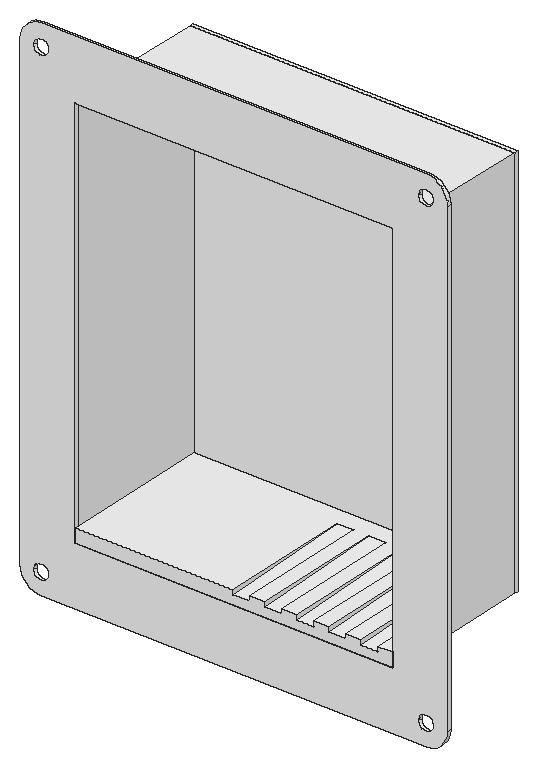
Revit family "KingswayGroup_Shlvs_Anti-LigatureWashroomShelfRecessed", category Specialty Equipment, Revit 2020
Family settings
  Round Connector Dimension = Use Diameter
  Part Type = Normal
  Work Plane-Based = No
  Always vertical = Yes
  Cut with Voids When Loaded = No
  Shared = No
  Room Calculation Point = No
Parameters
  WarrantyStartDate [instance] = "1900-12-31T23:59:59"
  WarrantyGuarantorParts = "sales@kingswaygroup.co.uk"
  WarrantyGuarantorLabor = "n/a"
  WarrantyDurationUnit = "year"
  WarrantyDurationParts = "5"
  WarrantyDurationLabor = "n/a"
  WarrantyDescription = "5-Year Guarantee *For faulty manufacture and not for damage"
  Version = "1"
  Uniclass2015Version = "Products v1.36"
  Uniclass2015Title = "Shelves"
  Uniclass2015Code = "Pr_40_30_78_78"
  URL = "https://kingswaygroupglobal.com/"
  TagNumber [instance] = "n/a"
  SustainabilityPerformance = "n/a"
  Size = "254 x 304.8 x 90 mm"
  Shape = "n/a"
  SerialNumber [instance] = "n/a"
  Revision = "n/a"
  ReplacementCost = "n/a"
  ProductInformation = "https://kingswaygroupglobal.com/product/anti-ligature-washroom-shelf-recessed?noredirect=true"
  NominalWidth = 90 mm  # constant formula
  NominalLength = 254 mm  # constant formula
  NominalHeight = 304.8 mm  # constant formula
  Name = "Shelves_Anti-LigatureWashroomShelf_KG12_KingswayGroup"
  ModelReference = "Anti-Ligature Washroom Shelf"
  ModelNumber = "KG12"
  ShelfMaterial = NBS_Concept
  Model = ModelNumber  # "KG12"
  Material = "Stainless Steel"
  ManufacturerURL = "https://kingswaygroupglobal.com/"
  ManufacturerName = "Kingsway Group"  # constant formula
  Manufacturer = ManufacturerName  # "Kingsway Group"
  InstallationDate [instance] = "1900-12-31T23:59:59"
  IfcExportType = "SHELF"  # constant formula
  IfcExportAs = "IfcFurnitureType"  # constant formula
  Grade = "316"
  Finish = "For full range of available finishes and colours, contact Kingsway Group"
  Features = "A recessed Anti-Ligature Shelf designed for safe use in patient washrooms, manufactured from 316 grade stainless steel. With elegant and modern aesthetics, the KG12 Anti-Ligature Shelf features a self-draining base making it suitable for holding items such as soap in wet environments."
  ExpectedLife = "n/a"
  DurationUnit = "year"
  Description = "Recessed Washroom Shelf"
  Default Elevation = 0 mm
  Constituents = "n/a"
  Color = "For full range of available finishes and colours, contact Kingsway Group"
  CodePerformance = "n/a"
  Category = "Pr_40_30_78_78:Shelves"
  BarCode [instance] = "n/a"
  BIMObjectName = "KingswayGroup_Shelves_Anti-LigatureWashroomShelfRecessed"
  Author = "Kingsway Group"  # constant formula
  AssetType = "Fixed"
  AssetIdentifier [instance] = "n/a"
  AccessibilityPerformance = "n/a"
Reference planes
  plane 1 "Center (Front/Back)": y = 0
  plane 2: z = 0
  plane 3 "Center (Left/Right)": x = 0
Forms (mm)
  Extrusion 1, solid, material "NBS_Concept" <- "ShelfMaterial"
    sketch origin (0, 0, 0) x (1, 0, 0) y (0, 0, 1)
      loop
        arc (-127, 12.691) -> (-123.283, 3.717) -> (-114.309, 0) r 12.691
        line (-114.309, 0) -> (114.309, 0)
        arc (114.309, 0) -> (123.283, 3.717) -> (127, 12.691) r 12.691
        line (127, 12.691) -> (127, 292.106)
        arc (127, 292.106) -> (123.282, 301.082) -> (114.306, 304.8) r 12.694
        line (114.306, 304.8) -> (-114.306, 304.8)
        arc (-114.306, 304.8) -> (-123.282, 301.082) -> (-127, 292.106) r 12.694
        line (-127, 292.106) -> (-127, 12.691)
      loop
        circle (-114.3, 292.1) r 4.5
      loop
        circle (114.3, 292.1) r 4.5
      loop
        circle (-114.3, 12.7) r 4.5
      loop
        circle (114.3, 12.7) r 4.5
      loop
        line (-94.5, 269.4) -> (-94.5, 35.4) -> (94.5, 35.4) -> (94.5, 269.4) -> (-94.5, 269.4)
    from 0 to 1.9
  Extrusion 2, solid, material "NBS_Concept" <- "ShelfMaterial"
    sketch origin (0, 0, 0) x (1, 0, 0) y (0, 0, 1)
      loop
        line (-96.4, 271.3) -> (-96.4, 35.36) -> (-94.5, 35.36) -> (-94.5, 269.4) -> (94.5, 269.4) -> (94.5, 35.36) -> (96.4, 35.36) -> (96.4, 271.3) -> (-96.4, 271.3)
    from -86.2 to 0
  Extrusion 3, void
    sketch origin (0, 0, -8) x (0, 1, 0) y (0, 0, 1)
      loop
        line (0, 43.4) -> (0, 38.399) -> (89.284, 39.958) -> (89.284, 44.958) -> (0, 43.4)
    from -96.4 to 96.4
  Extrusion 4, solid, material "NBS_Concept" <- "ShelfMaterial"
    sketch origin (-94.5, 0, 0) x (0, 1, 0) y (0, 0, 1)
      loop
        line (-1.9, 35.4) -> (-0.001, 35.4) -> (86.2, 36.905) -> (86.2, 44.938) -> (-1.9, 43.4) -> (-1.9, 35.4)
    from 0 to 189
  Extrusion 5, void
    sketch origin (0, 0.092, 40.817) x (1, 0, 0) y (0, 0.99863, 0.052336)
      loop
        line (85.5, -2.916) -> (85.5, 75) -> (75.5, 75) -> (75.5, -2.916) -> (85.5, -2.916)
      loop
        line (66.5, -2.916) -> (66.5, 75) -> (56.5, 75) -> (56.5, -2.916) -> (66.5, -2.916)
      loop
        line (47.5, -2.916) -> (47.5, 75) -> (37.5, 75) -> (37.5, -2.916) -> (47.5, -2.916)
      loop
        line (28.5, -2.916) -> (28.5, 75) -> (18.5, 75) -> (18.5, -2.916) -> (28.5, -2.916)
      loop
        line (9.5, -2.916) -> (9.5, 75) -> (-0.5, 75) -> (-0.5, -2.916) -> (9.5, -2.916)
    from 0 to 5
  Extrusion 6, solid, material "NBS_Concept" <- "ShelfMaterial"
    sketch origin (-96.4, 0, 0) x (0, 1, 0) y (0, 0, 1)
      loop
        line (86.2, 271.3) -> (86.2, 36.905) -> (88.1, 36.938) -> (88.1, 271.3) -> (86.2, 271.3)
    from 0 to 192.8
Cuts and joins
  Extrusion 3 cuts Extrusion 2
  Extrusion 5 cuts Extrusion 4
Lines and regions (mm)
  model lines, not visible
    curve 1: arc (16.215, -108.048, 265.753) -> (17.404, -108.048, 265.533) -> (18.352, -108.048, 266.283) r 1.463
    curve 2: arc (18.352, -108.048, 267.697) -> (17.346, -108.048, 268.4) -> (16.15, -108.048, 268.123) r 1.51
    curve 3: arc (16.15, -108.048, 268.123) -> (15.626, -108.048, 266.923) -> (16.215, -108.048, 265.753) r 1.54
    curve 4: arc (15.178, -108.048, 266.958) -> (15.376, -108.048, 266.079) -> (15.958, -108.048, 265.391) r 1.894
    curve 5: arc (17.05, -108.048, 265.046) -> (17.782, -108.048, 265.2) -> (18.368, -108.048, 265.664) r 1.629
    curve 6: arc (6.967, -108.048, 268.87) -> (6.12, -108.048, 268.597) -> (5.722, -108.048, 267.802) r 1.15
    curve 7: arc (7.023, -108.048, 265.046) -> (7.896, -108.048, 265.321) -> (8.293, -108.048, 266.146) r 1.152
    curve 8: arc (6.991, -108.048, 265.48) -> (7.544, -108.048, 265.629) -> (7.835, -108.048, 266.122) r 0.759
    curve 9: arc (10.197, -108.048, 260.701) -> (9.002, -108.048, 260.977) -> (7.995, -108.048, 260.275) r 1.511
    curve 10: arc (7.995, -108.048, 258.861) -> (8.944, -108.048, 258.112) -> (10.133, -108.048, 258.331) r 1.464
    curve 11: arc (10.133, -108.048, 258.331) -> (10.722, -108.048, 259.501) -> (10.197, -108.048, 260.701) r 1.54
    curve 12: arc (11.169, -108.048, 259.536) -> (10.994, -108.048, 260.363) -> (10.486, -108.048, 261.039) r 1.96
    curve 13: arc (10.39, -108.048, 257.969) -> (10.974, -108.048, 258.656) -> (11.169, -108.048, 259.536) r 1.873
    curve 14: arc (7.995, -108.048, 258.226) -> (8.575, -108.048, 257.772) -> (9.297, -108.048, 257.624) r 1.607
    curve 15: arc (3.36, -108.048, 259.488) -> (3.387, -108.048, 258.997) -> (3.568, -108.048, 258.54) r 1.527
    curve 16: arc (3.568, -108.048, 258.54) -> (3.969, -108.048, 258.182) -> (4.493, -108.048, 258.058) r 1.095
    curve 17: arc (4.493, -108.048, 258.058) -> (5.207, -108.048, 258.273) -> (5.714, -108.048, 258.821) r 1.419
    curve 18: arc (4.493, -108.048, 257.624) -> (5.176, -108.048, 257.774) -> (5.73, -108.048, 258.202) r 1.594
    curve 19: arc (3.119, -108.048, 258.379) -> (3.702, -108.048, 257.812) -> (4.493, -108.048, 257.624) r 1.533
    curve 20: arc (0.049, -108.048, 258.058) -> (1.499, -108.048, 259.536) -> (0.049, -108.048, 261.014) r 1.479
    curve 21: arc (0.049, -108.048, 261.014) -> (-1.4, -108.048, 259.536) -> (0.049, -108.048, 258.058) r 1.479
    curve 22: arc (0.049, -108.048, 261.449) -> (-1.855, -108.048, 259.536) -> (0.049, -108.048, 257.624) r 1.912
    curve 23: arc (0.049, -108.048, 257.624) -> (1.954, -108.048, 259.536) -> (0.049, -108.048, 261.449) r 1.912
    curve 24: arc (-2.594, -108.048, 261.449) -> (-3.241, -108.048, 261.309) -> (-3.751, -108.048, 260.886) r 1.392
    curve 25: arc (-2.602, -108.048, 261.014) -> (-3.299, -108.048, 260.782) -> (-3.751, -108.048, 260.203) r 1.269
    curve 26: arc (-4.948, -108.048, 270.469) -> (-5.352, -108.048, 270.064) -> (-4.948, -108.048, 269.658) r 0.406
    curve 27: arc (-4.948, -108.048, 269.658) -> (-4.539, -108.048, 270.064) -> (-4.948, -108.048, 270.469) r 0.406
    curve 28: arc (-1.622, -108.048, 268.437) -> (-2.36, -108.048, 268.227) -> (-2.892, -108.048, 267.673) r 1.465
    curve 29: arc (-0.666, -108.048, 267.946) -> (-1.082, -108.048, 268.311) -> (-1.622, -108.048, 268.437) r 1.142
    curve 30: arc (-0.457, -108.048, 267.046) -> (-0.485, -108.048, 267.514) -> (-0.666, -108.048, 267.946) r 1.41
    curve 31: arc (0.001, -108.048, 267.078) -> (-0.055, -108.048, 267.692) -> (-0.312, -108.048, 268.252) r 1.835
    curve 32: arc (-0.312, -108.048, 268.252) -> (-0.888, -108.048, 268.719) -> (-1.614, -108.048, 268.87) r 1.574
    curve 33: arc (0.965, -108.048, 266.958) -> (1.163, -108.048, 266.079) -> (1.745, -108.048, 265.391) r 1.894
    curve 34: arc (2.838, -108.048, 265.046) -> (3.558, -108.048, 265.196) -> (4.139, -108.048, 265.648) r 1.629
    curve 35: arc (2.813, -108.048, 263.551) -> (3.495, -108.048, 263.693) -> (3.995, -108.048, 264.178) r 1.246
    curve 36: arc (1.503, -108.048, 264.258) -> (2.064, -108.048, 263.73) -> (2.813, -108.048, 263.551) r 1.499
    curve 37: arc (1.142, -108.048, 263.993) -> (1.861, -108.048, 263.341) -> (2.805, -108.048, 263.117) r 1.95
    curve 38: arc (2.805, -108.048, 263.117) -> (3.723, -108.048, 263.308) -> (4.396, -108.048, 263.961) r 1.681
    curve 39: arc (-9.994, -108.048, 260.516) -> (-9.32, -108.048, 258.79) -> (-7.608, -108.048, 258.082) r 2.361
    curve 40: arc (-7.656, -108.048, 262.951) -> (-9.341, -108.048, 262.229) -> (-9.994, -108.048, 260.516) r 2.35
    curve 41: arc (-7.656, -108.048, 263.409) -> (-9.678, -108.048, 262.56) -> (-10.476, -108.048, 260.516) r 2.813
    curve 42: arc (-10.476, -108.048, 260.516) -> (-9.652, -108.048, 258.448) -> (-7.584, -108.048, 257.624) r 2.817
    curve 43: arc (-7.584, -108.048, 257.624) -> (-6.381, -108.048, 257.901) -> (-5.414, -108.048, 258.668) r 2.799
    curve 44: arc (2.002, -108.048, 265.753) -> (3.191, -108.048, 265.533) -> (4.139, -108.048, 266.283) r 1.464
    curve 45: arc (4.139, -108.048, 267.697) -> (3.133, -108.048, 268.402) -> (1.938, -108.048, 268.123) r 1.505
    curve 46: arc (1.938, -108.048, 268.123) -> (1.413, -108.048, 266.923) -> (2.002, -108.048, 265.753) r 1.54
    curve 47: line (-21.343, -108.048, 258.387) -> (-25.268, -108.048, 258.387)
    curve 48: line (-25.268, -108.048, 258.387) -> (-25.268, -108.048, 257.781)
    curve 49: line (-25.268, -108.048, 257.781) -> (-21.343, -108.048, 257.781)
    curve 50: line (-21.343, -108.048, 257.781) -> (-21.343, -108.048, 258.387)
    curve 51: line (-18.274, -108.048, 257.76) -> (-20.415, -108.048, 260.48)
    curve 52: line (-20.415, -108.048, 260.48) -> (-25.268, -108.048, 260.48)
    curve 53: line (-25.268, -108.048, 260.48) -> (-25.268, -108.048, 259.875)
    curve 54: line (-25.268, -108.048, 259.875) -> (-20.709, -108.048, 259.875)
    curve 55: line (-20.709, -108.048, 259.875) -> (-19.045, -108.048, 257.76)
    curve 56: line (-19.045, -108.048, 257.76) -> (-18.274, -108.048, 257.76)
    curve 57: line (-21.343, -108.048, 270.94) -> (-25.268, -108.048, 270.94)
    curve 58: line (-25.268, -108.048, 270.94) -> (-25.268, -108.048, 270.334)
    curve 59: line (-25.268, -108.048, 270.334) -> (-21.343, -108.048, 270.334)
    curve 60: line (-21.343, -108.048, 270.334) -> (-21.343, -108.048, 270.94)
    curve 61: line (-25.268, -108.048, 266.752) -> (-25.268, -108.048, 266.147)
    curve 62: line (-25.268, -108.048, 266.147) -> (-19.332, -108.048, 266.147)
    curve 63: line (-19.332, -108.048, 266.147) -> (-15.543, -108.048, 270.96)
    curve 64: line (-15.543, -108.048, 270.96) -> (-16.314, -108.048, 270.96)
    curve 65: line (-16.314, -108.048, 270.96) -> (-19.626, -108.048, 266.752)
    curve 66: line (-19.626, -108.048, 266.752) -> (-25.268, -108.048, 266.752)
    curve 67: line (-25.268, -108.048, 262.574) -> (-25.268, -108.048, 261.968)
    curve 68: line (-25.268, -108.048, 261.968) -> (-19.626, -108.048, 261.968)
    curve 69: line (-19.626, -108.048, 261.968) -> (-16.314, -108.048, 257.76)
    curve 70: line (-16.314, -108.048, 257.76) -> (-15.543, -108.048, 257.76)
    curve 71: line (-15.543, -108.048, 257.76) -> (-19.332, -108.048, 262.574)
    curve 72: line (-19.332, -108.048, 262.574) -> (-25.268, -108.048, 262.574)
    curve 73: line (-25.268, -108.048, 268.846) -> (-25.268, -108.048, 268.24)
    curve 74: line (-25.268, -108.048, 268.24) -> (-20.415, -108.048, 268.24)
    curve 75: line (-20.415, -108.048, 268.24) -> (-18.274, -108.048, 270.96)
    curve 76: line (-18.274, -108.048, 270.96) -> (-19.045, -108.048, 270.96)
    curve 77: line (-19.045, -108.048, 270.96) -> (-20.709, -108.048, 268.846)
    curve 78: line (-20.709, -108.048, 268.846) -> (-25.268, -108.048, 268.846)
    curve 79: line (18.352, -108.048, 266.283) -> (18.352, -108.048, 267.697)
    curve 80: line (18.368, -108.048, 265.664) -> (18.368, -108.048, 265.126)
    curve 81: line (18.368, -108.048, 265.126) -> (18.81, -108.048, 265.126)
    curve 82: line (18.81, -108.048, 265.126) -> (18.81, -108.048, 268.79)
    curve 83: line (18.81, -108.048, 268.79) -> (18.368, -108.048, 268.79)
    curve 84: line (18.368, -108.048, 268.79) -> (18.368, -108.048, 268.284)
    curve 85: line (18.368, -108.048, 268.284) -> (17.69, -108.048, 268.75)
    curve 86: line (17.69, -108.048, 268.75) -> (17.026, -108.048, 268.87)
    curve 87: line (17.026, -108.048, 268.87) -> (16.322, -108.048, 268.732)
    curve 88: line (16.322, -108.048, 268.732) -> (15.861, -108.048, 268.46)
    curve 89: line (15.861, -108.048, 268.46) -> (15.323, -108.048, 267.712)
    curve 90: line (15.323, -108.048, 267.712) -> (15.178, -108.048, 266.958)
    curve 91: line (15.958, -108.048, 265.391) -> (16.576, -108.048, 265.104)
    curve 92: line (16.576, -108.048, 265.104) -> (17.05, -108.048, 265.046)
    curve 93: line (10.566, -108.048, 265.126) -> (11.756, -108.048, 268.043)
    curve 94: line (11.756, -108.048, 268.043) -> (12.945, -108.048, 265.126)
    curve 95: line (12.945, -108.048, 265.126) -> (13.242, -108.048, 265.126)
    curve 96: line (13.242, -108.048, 265.126) -> (14.656, -108.048, 268.79)
    curve 97: line (14.656, -108.048, 268.79) -> (14.182, -108.048, 268.79)
    curve 98: line (14.182, -108.048, 268.79) -> (13.074, -108.048, 265.913)
    curve 99: line (13.074, -108.048, 265.913) -> (11.9, -108.048, 268.79)
    curve 100: line (11.9, -108.048, 268.79) -> (11.611, -108.048, 268.79)
    curve 101: line (11.611, -108.048, 268.79) -> (10.438, -108.048, 265.913)
    curve 102: line (10.438, -108.048, 265.913) -> (9.329, -108.048, 268.79)
    curve 103: line (9.329, -108.048, 268.79) -> (8.855, -108.048, 268.79)
    curve 104: line (8.855, -108.048, 268.79) -> (10.269, -108.048, 265.126)
    curve 105: line (10.269, -108.048, 265.126) -> (10.566, -108.048, 265.126)
    curve 106: line (5.722, -108.048, 267.802) -> (5.763, -108.048, 267.523)
    curve 107: line (5.763, -108.048, 267.523) -> (5.878, -108.048, 267.307)
    curve 108: line (5.878, -108.048, 267.307) -> (6.052, -108.048, 267.143)
    curve 109: line (6.052, -108.048, 267.143) -> (6.778, -108.048, 266.845)
    curve 110: line (6.778, -108.048, 266.845) -> (7.505, -108.048, 266.605)
    curve 111: line (7.505, -108.048, 266.605) -> (7.744, -108.048, 266.413)
    curve 112: line (7.811, -108.048, 266.282) -> (7.835, -108.048, 266.122)
    curve 113: line (8.293, -108.048, 266.146) -> (8.251, -108.048, 266.434)
    curve 114: line (8.251, -108.048, 266.434) -> (8.136, -108.048, 266.66)
    curve 115: line (8.136, -108.048, 266.66) -> (7.963, -108.048, 266.834)
    curve 116: line (7.963, -108.048, 266.834) -> (7.236, -108.048, 267.156)
    curve 117: line (7.236, -108.048, 267.156) -> (6.51, -108.048, 267.388)
    curve 118: line (6.51, -108.048, 267.388) -> (6.27, -108.048, 267.558)
    curve 119: line (6.179, -108.048, 267.81) -> (6.221, -108.048, 268.025)
    curve 120: line (6.221, -108.048, 268.025) -> (6.333, -108.048, 268.194)
    curve 121: line (6.333, -108.048, 268.194) -> (6.498, -108.048, 268.318)
    curve 122: line (6.498, -108.048, 268.318) -> (6.991, -108.048, 268.437)
    curve 123: line (6.991, -108.048, 268.437) -> (7.524, -108.048, 268.344)
    curve 124: line (7.524, -108.048, 268.344) -> (7.907, -108.048, 268.139)
    curve 125: line (7.907, -108.048, 268.139) -> (8.148, -108.048, 268.517)
    curve 126: line (8.148, -108.048, 268.517) -> (7.569, -108.048, 268.785)
    curve 127: line (7.569, -108.048, 268.785) -> (6.967, -108.048, 268.87)
    curve 128: line (6.991, -108.048, 265.48) -> (6.334, -108.048, 265.63)
    curve 129: line (6.334, -108.048, 265.63) -> (5.882, -108.048, 265.921)
    curve 130: line (5.882, -108.048, 265.921) -> (5.601, -108.048, 265.568)
    curve 131: line (5.601, -108.048, 265.568) -> (6.291, -108.048, 265.163)
    curve 132: line (6.291, -108.048, 265.163) -> (7.023, -108.048, 265.046)
    curve 133: line (-6.659, -108.048, 265.126) -> (-6.017, -108.048, 265.126)
    curve 134: line (-6.017, -108.048, 265.126) -> (-9.038, -108.048, 268.091)
    curve 135: line (-9.038, -108.048, 268.091) -> (-6.258, -108.048, 270.751)
    curve 136: line (-6.258, -108.048, 270.751) -> (-6.9, -108.048, 270.751)
    curve 137: line (-6.9, -108.048, 270.751) -> (-9.552, -108.048, 268.228)
    curve 138: line (-9.552, -108.048, 268.228) -> (-9.552, -108.048, 270.751)
    curve 139: line (-9.552, -108.048, 270.751) -> (-10.034, -108.048, 270.751)
    curve 140: line (-10.034, -108.048, 270.751) -> (-10.034, -108.048, 265.126)
    curve 141: line (-10.034, -108.048, 265.126) -> (-9.552, -108.048, 265.126)
    curve 142: line (-9.552, -108.048, 265.126) -> (-9.552, -108.048, 267.97)
    curve 143: line (-9.552, -108.048, 267.97) -> (-6.659, -108.048, 265.126)
    curve 144: line (7.995, -108.048, 260.275) -> (7.995, -108.048, 258.861)
    curve 145: line (9.297, -108.048, 257.624) -> (9.904, -108.048, 257.721)
    curve 146: line (9.904, -108.048, 257.721) -> (10.39, -108.048, 257.969)
    curve 147: line (10.486, -108.048, 261.039) -> (9.883, -108.048, 261.361)
    curve 148: line (9.883, -108.048, 261.361) -> (9.321, -108.048, 261.449)
    curve 149: line (9.321, -108.048, 261.449) -> (8.494, -108.048, 261.256)
    curve 150: line (8.494, -108.048, 261.256) -> (7.979, -108.048, 260.862)
    curve 151: line (7.979, -108.048, 260.862) -> (7.979, -108.048, 261.368)
    curve 152: line (7.979, -108.048, 261.368) -> (7.538, -108.048, 261.368)
    curve 153: line (7.538, -108.048, 261.368) -> (7.538, -108.048, 255.776)
    curve 154: line (7.538, -108.048, 255.776) -> (7.995, -108.048, 255.776)
    curve 155: line (7.995, -108.048, 255.776) -> (7.995, -108.048, 258.226)
    curve 156: line (-12.812, -108.048, 270.96) -> (-13.582, -108.048, 270.96)
    curve 157: line (-13.582, -108.048, 270.96) -> (-18.543, -108.048, 264.658)
    curve 158: line (-18.543, -108.048, 264.658) -> (-25.268, -108.048, 264.658)
    curve 159: line (-25.268, -108.048, 264.658) -> (-25.268, -108.048, 264.053)
    curve 160: line (-25.268, -108.048, 264.053) -> (-18.543, -108.048, 264.053)
    curve 161: line (-18.543, -108.048, 264.053) -> (-13.59, -108.048, 257.76)
    curve 162: line (-13.59, -108.048, 257.76) -> (-12.819, -108.048, 257.76)
    curve 163: line (-12.819, -108.048, 257.76) -> (-18.011, -108.048, 264.356)
    curve 164: line (-18.011, -108.048, 264.356) -> (-12.812, -108.048, 270.96)
    curve 165: line (3.36, -108.048, 259.488) -> (3.36, -108.048, 261.368)
    curve 166: line (3.36, -108.048, 261.368) -> (2.902, -108.048, 261.368)
    curve 167: line (2.902, -108.048, 261.368) -> (2.902, -108.048, 259.416)
    curve 168: line (2.902, -108.048, 259.416) -> (2.973, -108.048, 258.748)
    curve 169: line (2.973, -108.048, 258.748) -> (3.119, -108.048, 258.379)
    curve 170: line (5.73, -108.048, 258.202) -> (5.73, -108.048, 257.704)
    curve 171: line (5.73, -108.048, 257.704) -> (6.172, -108.048, 257.704)
    curve 172: line (6.172, -108.048, 257.704) -> (6.172, -108.048, 261.368)
    curve 173: line (6.172, -108.048, 261.368) -> (5.714, -108.048, 261.368)
    curve 174: line (5.714, -108.048, 261.368) -> (5.714, -108.048, 258.821)
    curve 175: line (-3.751, -108.048, 260.886) -> (-3.751, -108.048, 261.368)
    curve 176: line (-3.751, -108.048, 261.368) -> (-4.209, -108.048, 261.368)
    curve 177: line (-4.209, -108.048, 261.368) -> (-4.209, -108.048, 257.704)
    curve 178: line (-4.209, -108.048, 257.704) -> (-3.751, -108.048, 257.704)
    curve 179: line (-3.751, -108.048, 257.704) -> (-3.751, -108.048, 260.203)
    curve 180: line (-2.385, -108.048, 261.007) -> (-2.602, -108.048, 261.014)
    curve 181: line (-2.602, -108.048, 261.014) -> (-2.385, -108.048, 261.007)
    curve 182: line (-2.385, -108.048, 261.007) -> (-2.321, -108.048, 261.433)
    curve 183: line (20.264, -108.048, 263.198) -> (20.746, -108.048, 263.198)
    curve 184: line (20.746, -108.048, 263.198) -> (23.285, -108.048, 268.79)
    curve 185: line (23.285, -108.048, 268.79) -> (22.795, -108.048, 268.79)
    curve 186: line (22.795, -108.048, 268.79) -> (21.502, -108.048, 265.946)
    curve 187: line (21.502, -108.048, 265.946) -> (20.127, -108.048, 268.79)
    curve 188: line (20.127, -108.048, 268.79) -> (19.613, -108.048, 268.79)
    curve 189: line (19.613, -108.048, 268.79) -> (21.269, -108.048, 265.423)
    curve 190: line (21.269, -108.048, 265.423) -> (20.264, -108.048, 263.198)
    curve 191: line (-0.457, -108.048, 267.046) -> (-0.457, -108.048, 265.126)
    curve 192: line (-0.457, -108.048, 265.126) -> (0.001, -108.048, 265.126)
    curve 193: line (0.001, -108.048, 265.126) -> (0.001, -108.048, 267.078)
    curve 194: line (-1.614, -108.048, 268.87) -> (-2.421, -108.048, 268.683)
    curve 195: line (-2.421, -108.048, 268.683) -> (-2.908, -108.048, 268.276)
    curve 196: line (-2.908, -108.048, 268.276) -> (-2.908, -108.048, 268.79)
    curve 197: line (-2.908, -108.048, 268.79) -> (-3.35, -108.048, 268.79)
    curve 198: line (-3.35, -108.048, 268.79) -> (-3.35, -108.048, 265.126)
    curve 199: line (-3.35, -108.048, 265.126) -> (-2.892, -108.048, 265.126)
    curve 200: line (-2.892, -108.048, 265.126) -> (-2.892, -108.048, 267.673)
    curve 201: line (1.745, -108.048, 265.391) -> (2.364, -108.048, 265.104)
    curve 202: line (2.364, -108.048, 265.104) -> (2.838, -108.048, 265.046)
    curve 203: line (4.139, -108.048, 265.648) -> (4.139, -108.048, 265.126)
    curve 204: line (4.139, -108.048, 265.126) -> (4.1, -108.048, 264.511)
    curve 205: line (4.1, -108.048, 264.511) -> (3.995, -108.048, 264.178)
    curve 206: line (1.503, -108.048, 264.258) -> (1.142, -108.048, 263.993)
    curve 207: line (4.396, -108.048, 263.961) -> (4.564, -108.048, 264.528)
    curve 208: line (4.564, -108.048, 264.528) -> (4.597, -108.048, 265.142)
    curve 209: line (4.597, -108.048, 265.142) -> (4.597, -108.048, 268.79)
    curve 210: line (4.597, -108.048, 268.79) -> (4.155, -108.048, 268.79)
    curve 211: line (4.155, -108.048, 268.79) -> (4.155, -108.048, 268.284)
    curve 212: line (4.155, -108.048, 268.284) -> (3.476, -108.048, 268.75)
    curve 213: line (3.476, -108.048, 268.75) -> (2.813, -108.048, 268.87)
    curve 214: line (2.813, -108.048, 268.87) -> (2.109, -108.048, 268.732)
    curve 215: line (2.109, -108.048, 268.732) -> (1.648, -108.048, 268.46)
    curve 216: line (1.648, -108.048, 268.46) -> (1.11, -108.048, 267.712)
    curve 217: line (1.11, -108.048, 267.712) -> (0.965, -108.048, 266.958)
    curve 218: line (-5.414, -108.048, 258.668) -> (-5.414, -108.048, 261.039)
    curve 219: line (-5.414, -108.048, 261.039) -> (-7.744, -108.048, 261.039)
    curve 220: line (-7.744, -108.048, 261.039) -> (-7.744, -108.048, 260.581)
    curve 221: line (-7.744, -108.048, 260.581) -> (-5.896, -108.048, 260.581)
    curve 222: line (-5.896, -108.048, 260.581) -> (-5.896, -108.048, 258.789)
    curve 223: line (-5.896, -108.048, 258.789) -> (-6.756, -108.048, 258.233)
    curve 224: line (-6.756, -108.048, 258.233) -> (-7.608, -108.048, 258.082)
    curve 225: line (-7.656, -108.048, 262.951) -> (-6.582, -108.048, 262.7)
    curve 226: line (-6.582, -108.048, 262.7) -> (-5.944, -108.048, 262.22)
    curve 227: line (-5.944, -108.048, 262.22) -> (-5.615, -108.048, 262.549)
    curve 228: line (-5.615, -108.048, 262.549) -> (-6.645, -108.048, 263.231)
    curve 229: line (-6.645, -108.048, 263.231) -> (-7.656, -108.048, 263.409)
    curve 230: line (-4.715, -108.048, 265.126) -> (-4.715, -108.048, 268.79)
    curve 231: line (-4.715, -108.048, 268.79) -> (-5.173, -108.048, 268.79)
    curve 232: line (-5.173, -108.048, 268.79) -> (-5.173, -108.048, 265.126)
    curve 233: line (-5.173, -108.048, 265.126) -> (-4.715, -108.048, 265.126)
    curve 234: line (4.139, -108.048, 266.283) -> (4.139, -108.048, 267.697)
  model lines
    curve 235: arc (17.207, 86.2, 227.623) -> (18.396, 86.2, 227.403) -> (19.344, 86.2, 228.153) r 1.463
    curve 236: arc (19.344, 86.2, 229.567) -> (18.338, 86.2, 230.27) -> (17.142, 86.2, 229.993) r 1.51
    curve 237: arc (17.142, 86.2, 229.993) -> (16.618, 86.2, 228.793) -> (17.207, 86.2, 227.623) r 1.54
    curve 238: arc (16.17, 86.2, 228.828) -> (16.368, 86.2, 227.949) -> (16.95, 86.2, 227.261) r 1.894
    curve 239: arc (18.043, 86.2, 226.916) -> (18.774, 86.2, 227.07) -> (19.36, 86.2, 227.534) r 1.629
    curve 240: arc (7.959, 86.2, 230.74) -> (7.112, 86.2, 230.467) -> (6.714, 86.2, 229.672) r 1.15
    curve 241: arc (8.015, 86.2, 226.916) -> (8.888, 86.2, 227.191) -> (9.285, 86.2, 228.016) r 1.152
    curve 242: arc (7.983, 86.2, 227.35) -> (8.536, 86.2, 227.499) -> (8.827, 86.2, 227.992) r 0.759
    curve 243: arc (11.189, 86.2, 222.571) -> (9.994, 86.2, 222.847) -> (8.988, 86.2, 222.145) r 1.511
    curve 244: arc (8.988, 86.2, 220.731) -> (9.936, 86.2, 219.982) -> (11.125, 86.2, 220.201) r 1.464
    curve 245: arc (11.125, 86.2, 220.201) -> (11.714, 86.2, 221.371) -> (11.189, 86.2, 222.571) r 1.54
    curve 246: arc (12.161, 86.2, 221.406) -> (11.986, 86.2, 222.233) -> (11.478, 86.2, 222.909) r 1.96
    curve 247: arc (11.382, 86.2, 219.839) -> (11.966, 86.2, 220.526) -> (12.161, 86.2, 221.406) r 1.873
    curve 248: arc (8.988, 86.2, 220.096) -> (9.567, 86.2, 219.642) -> (10.289, 86.2, 219.494) r 1.607
    curve 249: arc (4.352, 86.2, 221.358) -> (4.379, 86.2, 220.867) -> (4.561, 86.2, 220.41) r 1.527
    curve 250: arc (4.561, 86.2, 220.41) -> (4.962, 86.2, 220.052) -> (5.485, 86.2, 219.928) r 1.095
    curve 251: arc (5.485, 86.2, 219.928) -> (6.199, 86.2, 220.143) -> (6.706, 86.2, 220.691) r 1.419
    curve 252: arc (5.485, 86.2, 219.494) -> (6.169, 86.2, 219.644) -> (6.722, 86.2, 220.072) r 1.594
    curve 253: arc (4.111, 86.2, 220.249) -> (4.694, 86.2, 219.682) -> (5.485, 86.2, 219.494) r 1.533
    curve 254: arc (1.041, 86.2, 219.928) -> (2.491, 86.2, 221.406) -> (1.041, 86.2, 222.885) r 1.479
    curve 255: arc (1.041, 86.2, 222.885) -> (-0.408, 86.2, 221.406) -> (1.041, 86.2, 219.928) r 1.479
    curve 256: arc (1.041, 86.2, 223.319) -> (-0.863, 86.2, 221.406) -> (1.041, 86.2, 219.494) r 1.912
    curve 257: arc (1.041, 86.2, 219.494) -> (2.946, 86.2, 221.406) -> (1.041, 86.2, 223.319) r 1.912
    curve 258: arc (-1.602, 86.2, 223.319) -> (-2.249, 86.2, 223.179) -> (-2.759, 86.2, 222.756) r 1.392
    curve 259: arc (-1.61, 86.2, 222.885) -> (-2.307, 86.2, 222.653) -> (-2.759, 86.2, 222.073) r 1.269
    curve 260: arc (-3.956, 86.2, 232.339) -> (-4.36, 86.2, 231.934) -> (-3.956, 86.2, 231.528) r 0.406
    curve 261: arc (-3.956, 86.2, 231.528) -> (-3.547, 86.2, 231.934) -> (-3.956, 86.2, 232.339) r 0.406
    curve 262: arc (-0.63, 86.2, 230.307) -> (-1.368, 86.2, 230.097) -> (-1.899, 86.2, 229.543) r 1.465
    curve 263: arc (0.327, 86.2, 229.816) -> (-0.09, 86.2, 230.181) -> (-0.63, 86.2, 230.307) r 1.142
    curve 264: arc (0.535, 86.2, 228.916) -> (0.507, 86.2, 229.384) -> (0.327, 86.2, 229.816) r 1.41
    curve 265: arc (0.993, 86.2, 228.948) -> (0.937, 86.2, 229.562) -> (0.68, 86.2, 230.122) r 1.835
    curve 266: arc (0.68, 86.2, 230.122) -> (0.104, 86.2, 230.589) -> (-0.622, 86.2, 230.74) r 1.574
    curve 267: arc (1.957, 86.2, 228.828) -> (2.155, 86.2, 227.949) -> (2.737, 86.2, 227.261) r 1.894
    curve 268: arc (3.83, 86.2, 226.916) -> (4.55, 86.2, 227.066) -> (5.131, 86.2, 227.518) r 1.629
    curve 269: arc (3.805, 86.2, 225.421) -> (4.487, 86.2, 225.563) -> (4.987, 86.2, 226.048) r 1.246
    curve 270: arc (2.496, 86.2, 226.128) -> (3.056, 86.2, 225.6) -> (3.805, 86.2, 225.421) r 1.499
    curve 271: arc (2.134, 86.2, 225.863) -> (2.853, 86.2, 225.212) -> (3.797, 86.2, 224.987) r 1.95
    curve 272: arc (3.797, 86.2, 224.987) -> (4.715, 86.2, 225.178) -> (5.388, 86.2, 225.831) r 1.681
    curve 273: arc (-9.002, 86.2, 222.386) -> (-8.328, 86.2, 220.66) -> (-6.616, 86.2, 219.952) r 2.361
    curve 274: arc (-6.664, 86.2, 224.821) -> (-8.349, 86.2, 224.099) -> (-9.002, 86.2, 222.386) r 2.35
    curve 275: arc (-6.664, 86.2, 225.279) -> (-8.686, 86.2, 224.43) -> (-9.484, 86.2, 222.386) r 2.813
    curve 276: arc (-9.484, 86.2, 222.386) -> (-8.66, 86.2, 220.318) -> (-6.591, 86.2, 219.494) r 2.817
    curve 277: arc (-6.591, 86.2, 219.494) -> (-5.389, 86.2, 219.771) -> (-4.422, 86.2, 220.539) r 2.799
    curve 278: arc (2.994, 86.2, 227.623) -> (4.183, 86.2, 227.403) -> (5.131, 86.2, 228.153) r 1.464
    curve 279: arc (5.131, 86.2, 229.567) -> (4.125, 86.2, 230.272) -> (2.93, 86.2, 229.993) r 1.505
    curve 280: arc (2.93, 86.2, 229.993) -> (2.405, 86.2, 228.793) -> (2.994, 86.2, 227.623) r 1.54
    curve 281: line (-20.351, 86.2, 220.257) -> (-24.276, 86.2, 220.257)
    curve 282: line (-24.276, 86.2, 220.257) -> (-24.276, 86.2, 219.651)
    curve 283: line (-24.276, 86.2, 219.651) -> (-20.351, 86.2, 219.651)
    curve 284: line (-20.351, 86.2, 219.651) -> (-20.351, 86.2, 220.257)
    curve 285: line (-17.282, 86.2, 219.63) -> (-19.423, 86.2, 222.35)
    curve 286: line (-19.423, 86.2, 222.35) -> (-24.276, 86.2, 222.35)
    curve 287: line (-24.276, 86.2, 222.35) -> (-24.276, 86.2, 221.745)
    curve 288: line (-24.276, 86.2, 221.745) -> (-19.717, 86.2, 221.745)
    curve 289: line (-19.717, 86.2, 221.745) -> (-18.053, 86.2, 219.63)
    curve 290: line (-18.053, 86.2, 219.63) -> (-17.282, 86.2, 219.63)
    curve 291: line (-20.351, 86.2, 232.81) -> (-24.276, 86.2, 232.81)
    curve 292: line (-24.276, 86.2, 232.81) -> (-24.276, 86.2, 232.204)
    curve 293: line (-24.276, 86.2, 232.204) -> (-20.351, 86.2, 232.204)
    curve 294: line (-20.351, 86.2, 232.204) -> (-20.351, 86.2, 232.81)
    curve 295: line (-24.276, 86.2, 228.622) -> (-24.276, 86.2, 228.017)
    curve 296: line (-24.276, 86.2, 228.017) -> (-18.34, 86.2, 228.017)
    curve 297: line (-18.34, 86.2, 228.017) -> (-14.551, 86.2, 232.83)
    curve 298: line (-14.551, 86.2, 232.83) -> (-15.321, 86.2, 232.83)
    curve 299: line (-15.321, 86.2, 232.83) -> (-18.634, 86.2, 228.622)
    curve 300: line (-18.634, 86.2, 228.622) -> (-24.276, 86.2, 228.622)
    curve 301: line (-24.276, 86.2, 224.444) -> (-24.276, 86.2, 223.839)
    curve 302: line (-24.276, 86.2, 223.839) -> (-18.634, 86.2, 223.839)
    curve 303: line (-18.634, 86.2, 223.839) -> (-15.321, 86.2, 219.63)
    curve 304: line (-15.321, 86.2, 219.63) -> (-14.551, 86.2, 219.63)
    curve 305: line (-14.551, 86.2, 219.63) -> (-18.34, 86.2, 224.444)
    curve 306: line (-18.34, 86.2, 224.444) -> (-24.276, 86.2, 224.444)
    curve 307: line (-24.276, 86.2, 230.716) -> (-24.276, 86.2, 230.11)
    curve 308: line (-24.276, 86.2, 230.11) -> (-19.423, 86.2, 230.11)
    curve 309: line (-19.423, 86.2, 230.11) -> (-17.282, 86.2, 232.83)
    curve 310: line (-17.282, 86.2, 232.83) -> (-18.053, 86.2, 232.83)
    curve 311: line (-18.053, 86.2, 232.83) -> (-19.717, 86.2, 230.716)
    curve 312: line (-19.717, 86.2, 230.716) -> (-24.276, 86.2, 230.716)
    curve 313: line (19.344, 86.2, 228.153) -> (19.344, 86.2, 229.567)
    curve 314: line (19.36, 86.2, 227.534) -> (19.36, 86.2, 226.996)
    curve 315: line (19.36, 86.2, 226.996) -> (19.802, 86.2, 226.996)
    curve 316: line (19.802, 86.2, 226.996) -> (19.802, 86.2, 230.66)
    curve 317: line (19.802, 86.2, 230.66) -> (19.36, 86.2, 230.66)
    curve 318: line (19.36, 86.2, 230.66) -> (19.36, 86.2, 230.154)
    curve 319: line (19.36, 86.2, 230.154) -> (18.682, 86.2, 230.62)
    curve 320: line (18.682, 86.2, 230.62) -> (18.018, 86.2, 230.74)
    curve 321: line (18.018, 86.2, 230.74) -> (17.314, 86.2, 230.602)
    curve 322: line (17.314, 86.2, 230.602) -> (16.853, 86.2, 230.331)
    curve 323: line (16.853, 86.2, 230.331) -> (16.315, 86.2, 229.582)
    curve 324: line (16.315, 86.2, 229.582) -> (16.17, 86.2, 228.828)
    curve 325: line (16.95, 86.2, 227.261) -> (17.568, 86.2, 226.974)
    curve 326: line (17.568, 86.2, 226.974) -> (18.043, 86.2, 226.916)
    curve 327: line (11.558, 86.2, 226.996) -> (12.748, 86.2, 229.913)
    curve 328: line (12.748, 86.2, 229.913) -> (13.937, 86.2, 226.996)
    curve 329: line (13.937, 86.2, 226.996) -> (14.234, 86.2, 226.996)
    curve 330: line (14.234, 86.2, 226.996) -> (15.648, 86.2, 230.66)
    curve 331: line (15.648, 86.2, 230.66) -> (15.174, 86.2, 230.66)
    curve 332: line (15.174, 86.2, 230.66) -> (14.066, 86.2, 227.783)
    curve 333: line (14.066, 86.2, 227.783) -> (12.892, 86.2, 230.66)
    curve 334: line (12.892, 86.2, 230.66) -> (12.603, 86.2, 230.66)
    curve 335: line (12.603, 86.2, 230.66) -> (11.43, 86.2, 227.783)
    curve 336: line (11.43, 86.2, 227.783) -> (10.321, 86.2, 230.66)
    curve 337: line (10.321, 86.2, 230.66) -> (9.847, 86.2, 230.66)
    curve 338: line (9.847, 86.2, 230.66) -> (11.261, 86.2, 226.996)
    curve 339: line (11.261, 86.2, 226.996) -> (11.558, 86.2, 226.996)
    curve 340: line (6.714, 86.2, 229.672) -> (6.755, 86.2, 229.393)
    curve 341: line (6.755, 86.2, 229.393) -> (6.87, 86.2, 229.177)
    curve 342: line (6.87, 86.2, 229.177) -> (7.044, 86.2, 229.013)
    curve 343: line (7.044, 86.2, 229.013) -> (7.77, 86.2, 228.715)
    curve 344: line (7.77, 86.2, 228.715) -> (8.497, 86.2, 228.475)
    curve 345: line (8.497, 86.2, 228.475) -> (8.736, 86.2, 228.283)
    curve 346: line (8.803, 86.2, 228.152) -> (8.827, 86.2, 227.992)
    curve 347: line (9.285, 86.2, 228.016) -> (9.243, 86.2, 228.304)
    curve 348: line (9.243, 86.2, 228.304) -> (9.128, 86.2, 228.53)
    curve 349: line (9.128, 86.2, 228.53) -> (8.955, 86.2, 228.705)
    curve 350: line (8.955, 86.2, 228.705) -> (8.228, 86.2, 229.026)
    curve 351: line (8.228, 86.2, 229.026) -> (7.502, 86.2, 229.258)
    curve 352: line (7.502, 86.2, 229.258) -> (7.262, 86.2, 229.428)
    curve 353: line (7.171, 86.2, 229.68) -> (7.213, 86.2, 229.895)
    curve 354: line (7.213, 86.2, 229.895) -> (7.325, 86.2, 230.064)
    curve 355: line (7.325, 86.2, 230.064) -> (7.49, 86.2, 230.188)
    curve 356: line (7.49, 86.2, 230.188) -> (7.983, 86.2, 230.307)
    curve 357: line (7.983, 86.2, 230.307) -> (8.516, 86.2, 230.214)
    curve 358: line (8.516, 86.2, 230.214) -> (8.899, 86.2, 230.009)
    curve 359: line (8.899, 86.2, 230.009) -> (9.14, 86.2, 230.387)
    curve 360: line (9.14, 86.2, 230.387) -> (8.561, 86.2, 230.655)
    curve 361: line (8.561, 86.2, 230.655) -> (7.959, 86.2, 230.74)
    curve 362: line (7.983, 86.2, 227.35) -> (7.326, 86.2, 227.5)
    curve 363: line (7.326, 86.2, 227.5) -> (6.874, 86.2, 227.791)
    curve 364: line (6.874, 86.2, 227.791) -> (6.593, 86.2, 227.438)
    curve 365: line (6.593, 86.2, 227.438) -> (7.283, 86.2, 227.033)
    curve 366: line (7.283, 86.2, 227.033) -> (8.015, 86.2, 226.916)
    curve 367: line (-5.667, 86.2, 226.996) -> (-5.025, 86.2, 226.996)
    curve 368: line (-5.025, 86.2, 226.996) -> (-8.046, 86.2, 229.961)
    curve 369: line (-8.046, 86.2, 229.961) -> (-5.266, 86.2, 232.621)
    curve 370: line (-5.266, 86.2, 232.621) -> (-5.908, 86.2, 232.621)
    curve 371: line (-5.908, 86.2, 232.621) -> (-8.56, 86.2, 230.098)
    curve 372: line (-8.56, 86.2, 230.098) -> (-8.56, 86.2, 232.621)
    curve 373: line (-8.56, 86.2, 232.621) -> (-9.042, 86.2, 232.621)
    curve 374: line (-9.042, 86.2, 232.621) -> (-9.042, 86.2, 226.996)
    curve 375: line (-9.042, 86.2, 226.996) -> (-8.56, 86.2, 226.996)
    curve 376: line (-8.56, 86.2, 226.996) -> (-8.56, 86.2, 229.84)
    curve 377: line (-8.56, 86.2, 229.84) -> (-5.667, 86.2, 226.996)
    curve 378: line (8.988, 86.2, 222.145) -> (8.988, 86.2, 220.731)
    curve 379: line (10.289, 86.2, 219.494) -> (10.896, 86.2, 219.591)
    curve 380: line (10.896, 86.2, 219.591) -> (11.382, 86.2, 219.839)
    curve 381: line (11.478, 86.2, 222.909) -> (10.875, 86.2, 223.231)
    curve 382: line (10.875, 86.2, 223.231) -> (10.313, 86.2, 223.319)
    curve 383: line (10.313, 86.2, 223.319) -> (9.486, 86.2, 223.126)
    curve 384: line (9.486, 86.2, 223.126) -> (8.972, 86.2, 222.732)
    curve 385: line (8.972, 86.2, 222.732) -> (8.972, 86.2, 223.238)
    curve 386: line (8.972, 86.2, 223.238) -> (8.53, 86.2, 223.238)
    curve 387: line (8.53, 86.2, 223.238) -> (8.53, 86.2, 217.646)
    curve 388: line (8.53, 86.2, 217.646) -> (8.988, 86.2, 217.646)
    curve 389: line (8.988, 86.2, 217.646) -> (8.988, 86.2, 220.096)
    curve 390: line (-11.82, 86.2, 232.83) -> (-12.59, 86.2, 232.83)
    curve 391: line (-12.59, 86.2, 232.83) -> (-17.551, 86.2, 226.528)
    curve 392: line (-17.551, 86.2, 226.528) -> (-24.276, 86.2, 226.528)
    curve 393: line (-24.276, 86.2, 226.528) -> (-24.276, 86.2, 225.923)
    curve 394: line (-24.276, 86.2, 225.923) -> (-17.551, 86.2, 225.923)
    curve 395: line (-17.551, 86.2, 225.923) -> (-12.598, 86.2, 219.63)
    curve 396: line (-12.598, 86.2, 219.63) -> (-11.827, 86.2, 219.63)
    curve 397: line (-11.827, 86.2, 219.63) -> (-17.019, 86.2, 226.226)
    curve 398: line (-17.019, 86.2, 226.226) -> (-11.82, 86.2, 232.83)
    curve 399: line (4.352, 86.2, 221.358) -> (4.352, 86.2, 223.238)
    curve 400: line (4.352, 86.2, 223.238) -> (3.894, 86.2, 223.238)
    curve 401: line (3.894, 86.2, 223.238) -> (3.894, 86.2, 221.286)
    curve 402: line (3.894, 86.2, 221.286) -> (3.965, 86.2, 220.618)
    curve 403: line (3.965, 86.2, 220.618) -> (4.111, 86.2, 220.249)
    curve 404: line (6.722, 86.2, 220.072) -> (6.722, 86.2, 219.574)
    curve 405: line (6.722, 86.2, 219.574) -> (7.164, 86.2, 219.574)
    curve 406: line (7.164, 86.2, 219.574) -> (7.164, 86.2, 223.238)
    curve 407: line (7.164, 86.2, 223.238) -> (6.706, 86.2, 223.238)
    curve 408: line (6.706, 86.2, 223.238) -> (6.706, 86.2, 220.691)
    curve 409: line (-2.759, 86.2, 222.756) -> (-2.759, 86.2, 223.238)
    curve 410: line (-2.759, 86.2, 223.238) -> (-3.217, 86.2, 223.238)
    curve 411: line (-3.217, 86.2, 223.238) -> (-3.217, 86.2, 219.574)
    curve 412: line (-3.217, 86.2, 219.574) -> (-2.759, 86.2, 219.574)
    curve 413: line (-2.759, 86.2, 219.574) -> (-2.759, 86.2, 222.073)
    curve 414: line (-1.393, 86.2, 222.877) -> (-1.61, 86.2, 222.885)
    curve 415: line (-1.61, 86.2, 222.885) -> (-1.393, 86.2, 222.877)
    curve 416: line (-1.393, 86.2, 222.877) -> (-1.329, 86.2, 223.303)
    curve 417: line (21.256, 86.2, 225.068) -> (21.738, 86.2, 225.068)
    curve 418: line (21.738, 86.2, 225.068) -> (24.277, 86.2, 230.66)
    curve 419: line (24.277, 86.2, 230.66) -> (23.787, 86.2, 230.66)
    curve 420: line (23.787, 86.2, 230.66) -> (22.494, 86.2, 227.816)
    curve 421: line (22.494, 86.2, 227.816) -> (21.119, 86.2, 230.66)
    curve 422: line (21.119, 86.2, 230.66) -> (20.605, 86.2, 230.66)
    curve 423: line (20.605, 86.2, 230.66) -> (22.261, 86.2, 227.293)
    curve 424: line (22.261, 86.2, 227.293) -> (21.256, 86.2, 225.068)
    curve 425: line (0.535, 86.2, 228.916) -> (0.535, 86.2, 226.996)
    curve 426: line (0.535, 86.2, 226.996) -> (0.993, 86.2, 226.996)
    curve 427: line (0.993, 86.2, 226.996) -> (0.993, 86.2, 228.948)
    curve 428: line (-0.622, 86.2, 230.74) -> (-1.429, 86.2, 230.553)
    curve 429: line (-1.429, 86.2, 230.553) -> (-1.915, 86.2, 230.146)
    curve 430: line (-1.915, 86.2, 230.146) -> (-1.915, 86.2, 230.66)
    curve 431: line (-1.915, 86.2, 230.66) -> (-2.358, 86.2, 230.66)
    curve 432: line (-2.358, 86.2, 230.66) -> (-2.358, 86.2, 226.996)
    curve 433: line (-2.358, 86.2, 226.996) -> (-1.899, 86.2, 226.996)
    curve 434: line (-1.899, 86.2, 226.996) -> (-1.899, 86.2, 229.543)
    curve 435: line (2.737, 86.2, 227.261) -> (3.356, 86.2, 226.974)
    curve 436: line (3.356, 86.2, 226.974) -> (3.83, 86.2, 226.916)
    curve 437: line (5.131, 86.2, 227.518) -> (5.131, 86.2, 226.996)
    curve 438: line (5.131, 86.2, 226.996) -> (5.092, 86.2, 226.381)
    curve 439: line (5.092, 86.2, 226.381) -> (4.987, 86.2, 226.048)
    curve 440: line (2.496, 86.2, 226.128) -> (2.134, 86.2, 225.863)
    curve 441: line (5.388, 86.2, 225.831) -> (5.556, 86.2, 226.398)
    curve 442: line (5.556, 86.2, 226.398) -> (5.589, 86.2, 227.012)
    curve 443: line (5.589, 86.2, 227.012) -> (5.589, 86.2, 230.66)
    curve 444: line (5.589, 86.2, 230.66) -> (5.147, 86.2, 230.66)
    curve 445: line (5.147, 86.2, 230.66) -> (5.147, 86.2, 230.154)
    curve 446: line (5.147, 86.2, 230.154) -> (4.468, 86.2, 230.62)
    curve 447: line (4.468, 86.2, 230.62) -> (3.805, 86.2, 230.74)
    curve 448: line (3.805, 86.2, 230.74) -> (3.101, 86.2, 230.602)
    curve 449: line (3.101, 86.2, 230.602) -> (2.64, 86.2, 230.331)
    curve 450: line (2.64, 86.2, 230.331) -> (2.102, 86.2, 229.582)
    curve 451: line (2.102, 86.2, 229.582) -> (1.957, 86.2, 228.828)
    curve 452: line (-4.422, 86.2, 220.539) -> (-4.422, 86.2, 222.909)
    curve 453: line (-4.422, 86.2, 222.909) -> (-6.752, 86.2, 222.909)
    curve 454: line (-6.752, 86.2, 222.909) -> (-6.752, 86.2, 222.451)
    curve 455: line (-6.752, 86.2, 222.451) -> (-4.904, 86.2, 222.451)
    curve 456: line (-4.904, 86.2, 222.451) -> (-4.904, 86.2, 220.659)
    curve 457: line (-4.904, 86.2, 220.659) -> (-5.763, 86.2, 220.103)
    curve 458: line (-5.763, 86.2, 220.103) -> (-6.616, 86.2, 219.952)
    curve 459: line (-6.664, 86.2, 224.821) -> (-5.59, 86.2, 224.57)
    curve 460: line (-5.59, 86.2, 224.57) -> (-4.952, 86.2, 224.09)
    curve 461: line (-4.952, 86.2, 224.09) -> (-4.623, 86.2, 224.419)
    curve 462: line (-4.623, 86.2, 224.419) -> (-5.653, 86.2, 225.101)
    curve 463: line (-5.653, 86.2, 225.101) -> (-6.664, 86.2, 225.279)
    curve 464: line (-3.723, 86.2, 226.996) -> (-3.723, 86.2, 230.66)
    curve 465: line (-3.723, 86.2, 230.66) -> (-4.181, 86.2, 230.66)
    curve 466: line (-4.181, 86.2, 230.66) -> (-4.181, 86.2, 226.996)
    curve 467: line (-4.181, 86.2, 226.996) -> (-3.723, 86.2, 226.996)
    curve 468: line (5.131, 86.2, 228.153) -> (5.131, 86.2, 229.567)
Dimensions and locks
  Extrusion 1 sketch curve to Extrusion 1 sketch curve = 304.8 mm
  Extrusion 1 sketch curve to Extrusion 1 sketch curve = 254 mm
  cut or joined group of Extrusion 2, Extrusion 3 to Extrusion 4 = 235.9 mm
  Extrusion 6 to plane 1 "Center (Front/Back)" = 88.1 mm
  Extrusion 6 to Extrusion 1 = 90 mm  (x2)
  Extrusion 1 to cut or joined group of Extrusion 2, Extrusion 3 = 33.5 mm
  Extrusion 1 to Extrusion 1 = 304.8 mm
  Extrusion 1 to Extrusion 1 = 279.4 mm
  Extrusion 1 to Extrusion 4 = 226 mm
  cut or joined group of Extrusion 4, Extrusion 5 to Extrusion 1 = 95 mm
  cut or joined group of Extrusion 4, Extrusion 5 to Extrusion 1 = 9 mm
  cut or joined group of Extrusion 4, Extrusion 5 to cut or joined group of Extrusion 4, Extrusion 5 = 10 mm
  Extrusion 1 to Extrusion 1 = 254 mm
  Extrusion 1 to Extrusion 1 = 189 mm
  Extrusion 1 to level = 12.7 mm
  Extrusion 6 to Extrusion 1 = 88.1 mm
  Extrusion 1 to Extrusion 1 = 1.9 mm
  cut or joined group of Extrusion 2, Extrusion 3 to cut or joined group of Extrusion 2, Extrusion 3 = 192.8 mm
  aligned and locked: level to plane 2
